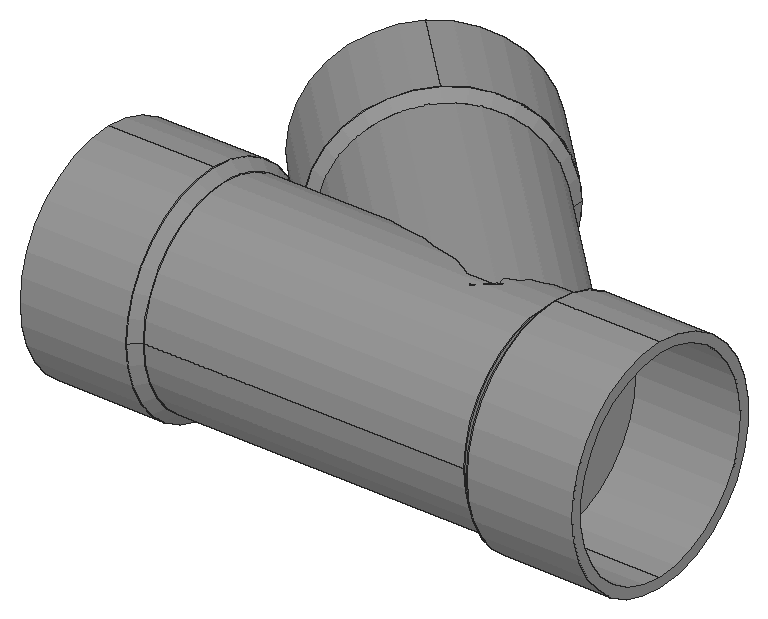
Revit family "Dirit_uPVC TienPhong Y", category Pipe Fittings, Revit 2024
Family settings
  Round Connector Dimension = Use Diameter
  Part Type = Tee
  Work Plane-Based = No
  Always vertical = Yes
  Cut with Voids When Loaded = No
  Shared = No
Parameters (values of type "Standard")
  uPVC = uPVC
  Website = ""
  URL = ""
  Type Image = PVC Tee+Y.JPG
  Type Comments = "MEPF Modeling"
  Standard = "ISO 1452-2"
  Name Fitting [instance] = if(Angle < 65.00°, " uPVC_45° Wye", " uPVC_Tee°")  # " uPVC_45° Wye"
  Lookup Table 1 = "Tee 45 uPVC - Tien Phong"
  Engatech_Z3 [instance] = if(and(Angle > 87.90°, Angle < 92.10°), size_lookup(Lookup Table 1, "z3", Nominal Diameter 1 * 0.1, Nominal Diameter 1, Nominal Diameter 2), if(Angle < 88.00°, size_lookup(Lookup Table 1, "z3", Nominal Diameter 1 * 0.1, Nominal Diameter 1, Nominal Diameter 2), size_lookup(Lookup Table 1, "z1", Nominal Diameter 1 * 0.1, Nominal Diameter 1, Nominal Diameter 2)))  # 76 mm
  Engatech_Z2 [instance] = if(and(Angle > 87.90°, Angle < 92.10°), size_lookup(Lookup Table 1, "z2", Nominal Diameter 2 * 0.25, Nominal Diameter 1, Nominal Diameter 2), size_lookup(Lookup Table 1, "z2", Nominal Diameter 2 * 0.25, Nominal Diameter 1, Nominal Diameter 2))  # 359 mm
  Engatech_Z1 [instance] = if(Angle < 88.00°, size_lookup(Lookup Table 1, "z1", Nominal Diameter 1 * 0.25, Nominal Diameter 1, Nominal Diameter 2), size_lookup(Lookup Table 1, "z3", Nominal Diameter 1 * 0.25, Nominal Diameter 1, Nominal Diameter 2))  # 322 mm
  Engatech_od [instance] = size_lookup(Lookup Table 1, "od", Nominal Diameter 2 + 2.5 mm * 2, Nominal Diameter 1, Nominal Diameter 2)  # 273.8 mm
  Engatech_L2 [instance] = size_lookup(Lookup Table 1, "l2", Nominal Diameter 1 * 0.5, Nominal Diameter 1, Nominal Diameter 2)  # 131 mm
  Engatech_L1 [instance] = size_lookup(Lookup Table 1, "l1", Nominal Diameter 1 * 0.5, Nominal Diameter 1, Nominal Diameter 2)  # 131 mm
  Engatech_id [instance] = size_lookup(Lookup Table 1, "id", Nominal Diameter 2, Nominal Diameter 1, Nominal Diameter 2)  # 250 mm
  Thickness 2 [instance] = (Fitting Outside Diameter 2 - Fitting Inside Diameter 2) / 2  # 11.9 mm
  Thickness 1 [instance] = (Fitting Outside Diameter 1 - Fitting Inside Diameter 1) / 2  # 11.9 mm
  L2 [instance] = Engatech_L2  # 131 mm
  L1 [instance] = Engatech_L1  # 131 mm
  Nominal Radius 2 [instance] = Nominal Diameter 2 / 2  # 125 mm
  Nominal Radius 1 [instance] = Nominal Diameter 1 / 2  # 125 mm
  Socket to Center [instance] = if(and(Angle > 92.00°, or(and(Nominal Diameter 1 = 250 mm, Nominal Diameter 2 = 125 mm), and(Nominal Diameter 1 = 110 mm, Nominal Diameter 2 = 60 mm), and(Nominal Diameter 1 = 90 mm, Nominal Diameter 2 = 42 mm), and(Nominal Diameter 1 = 90 mm, Nominal Diameter 2 = 48 mm), and(Nominal Diameter 1 = 110 mm, Nominal Diameter 2 = 42 mm), and(Nominal Diameter 1 = 110 mm, Nominal Diameter 2 = 48 mm), and(Nominal Diameter 1 = 110 mm, Nominal Diameter 2 = 60 mm), and(Nominal Diameter 1 = 140 mm, Nominal Diameter 2 = 60 mm), and(Nominal Diameter 1 = 140 mm, Nominal Diameter 2 = 75 mm), and(Nominal Diameter 1 = 160 mm, Nominal Diameter 2 = 90 mm), and(Nominal Diameter 1 = 180 mm, Nominal Diameter 2 = 110 mm), and(Nominal Diameter 1 = 280 mm, Nominal Diameter 2 = 200 mm), and(Nominal Diameter 1 = 315 mm, Nominal Diameter 2 = 160 mm), and(Nominal Diameter 1 = 315 mm, Nominal Diameter 2 = 200 mm))), 0 mm, Center to Socket)  # 322 mm
  Design By = ""
  Default Elevation = 0 mm
  Center to Socket (Hiden) [instance] = if(and(Angle > 92.00°, or(and(Nominal Diameter 1 = 250 mm, Nominal Diameter 2 = 125 mm), and(Nominal Diameter 1 = 110 mm, Nominal Diameter 2 = 60 mm), and(Nominal Diameter 1 = 90 mm, Nominal Diameter 2 = 42 mm), and(Nominal Diameter 1 = 90 mm, Nominal Diameter 2 = 48 mm), and(Nominal Diameter 1 = 110 mm, Nominal Diameter 2 = 42 mm), and(Nominal Diameter 1 = 110 mm, Nominal Diameter 2 = 48 mm), and(Nominal Diameter 1 = 110 mm, Nominal Diameter 2 = 60 mm), and(Nominal Diameter 1 = 140 mm, Nominal Diameter 2 = 60 mm), and(Nominal Diameter 1 = 140 mm, Nominal Diameter 2 = 75 mm), and(Nominal Diameter 1 = 160 mm, Nominal Diameter 2 = 90 mm), and(Nominal Diameter 1 = 180 mm, Nominal Diameter 2 = 110 mm), and(Nominal Diameter 1 = 280 mm, Nominal Diameter 2 = 200 mm), and(Nominal Diameter 1 = 315 mm, Nominal Diameter 2 = 160 mm), and(Nominal Diameter 1 = 315 mm, Nominal Diameter 2 = 200 mm))), Engatech_Z1 * (-1), 0 mm)  # 0 mm
  Center to Socket [instance] = if(and(Angle > 92.00°, Engatech_Z1 < 0 mm), 0 mm, Engatech_Z1)  # 322 mm
  Branch Outside Diameter [instance] = if(and(Angle > 87.90°, Angle < 92.10°), Fitting Outside Diameter 2, Fitting Inside Diameter 2)  # 250 mm
  Branch Length [instance] = Engatech_Z2  # 359 mm
  Branch Inside Diameter [instance] = if(and(Angle > 87.90°, Angle < 92.10°), Fitting Inside Diameter 2 - Thickness 2, Branch Outside Diameter - 2 * Thickness 2)  # 226.2 mm
  Body Outside Diameter [instance] = if(and(Angle > 87.90°, Angle < 92.10°), Fitting Outside Diameter 1, Fitting Inside Diameter 1)  # 250 mm
  Body Length [instance] = if(and(Angle > 92.00°, Engatech_Z1 < 0 mm), Engatech_Z3, Engatech_Z1 + Engatech_Z3)  # 398 mm
  Engatech_OD [instance] = size_lookup(Lookup Table 1, "OD", Nominal Diameter 1 + 2.5 mm * 2, Nominal Diameter 1, Nominal Diameter 2)  # 273.8 mm
  Nominal Diameter 2 [instance] = 250 mm
  Nominal Diameter 1 [instance] = 250 mm
  Engatech_ID [instance] = size_lookup(Lookup Table 1, "ID", Nominal Diameter 1, Nominal Diameter 1, Nominal Diameter 2)  # 250 mm
  Fitting Outside Diameter 2 [instance] = Engatech_od  # 273.8 mm
  Fitting Outside Diameter 1 [instance] = Engatech_OD  # 273.8 mm
  Fitting Inside Diameter 2 [instance] = Engatech_id  # 250 mm
  Fitting Inside Diameter 1 [instance] = Engatech_ID  # 250 mm
  Body Inside Diameter [instance] = if(and(Angle > 87.90°, Angle < 92.10°), Fitting Inside Diameter 1 - Thickness 1, Body Outside Diameter - 2 * Thickness 1)  # 226.2 mm
  Blend Length 2 [instance] = Thickness 2 + 0.5 mm  # 12.4 mm
  Blend Length 1 [instance] = Thickness 1 + 0.5 mm  # 12.4 mm
  Angle [instance] = 45.00°
  Model = "Pipe Fitting"
  Manufacturer = ""
  Keynote = ""
  Fanpage = ""
  Email = ""
  Description = ""
  Address = ""
Reference planes
  plane 1 "Main Hozontial": y = 0
  plane 2: z = 0
  plane 3 "Main Vertical": x = 0
  plane 4 "Ref Plane Socket 2": x = 76
  plane 5 "Ref Plane Socket 1": x = -322
  plane 6 "Ref Hiden": x = 0
Forms (mm)
  Sweep 1, solid, material "uPVC" <- "uPVC", detail levels fine
    path in 3D
      loop
        line (-322, 0, 0) -> (76, 0, 0)
    profile origin (-123, 0, 0) x (0, 1, 0) y (0, 0, 1)
      loop
        circle (0, 0) r 125
  SweptBlend 2, solid, material "uPVC" <- "uPVC", detail levels fine
    path in 3D
      loop
        line (-322, 0, 0) -> (-334.4, 0, 0)
    profile origin (-322, 0, 0) x (0, -1, 0) y (0, 0, 1)
      loop
        circle (0, 0) r 125
    end profile origin (-334.4, 0, 0) x (0, -1, 0) y (0, 0, 1)
      loop
        circle (0, 0) r 136.9
  SweptBlend 3, solid, material "uPVC" <- "uPVC", detail levels fine
    path in 3D
      loop
        line (76, 0, 0) -> (88.4, 0, 0)
    profile origin (76, 0, 0) x (0, 1, 0) y (0, 0, 1)
      loop
        circle (0, 0) r 125
    end profile origin (88.4, 0, 0) x (0, 1, 0) y (0, 0, 1)
      loop
        circle (0, 0) r 136.9
  Extrusion 4, solid, material "uPVC" <- "uPVC", detail levels fine
    sketch origin (88.4, 0, 0) x (0, 0, 1) y (0, -1, 0)
      loop
        circle (0, 0) r 136.9
      loop
        circle (0, 0) r 125
    from 0 to 131 <- "L1"
  Extrusion 5, solid, material "uPVC" <- "uPVC", detail levels fine
    sketch origin (-334.4, 0, 0) x (0, 0, 1) y (0, 1, 0)
      loop
        circle (0, 0) r 136.9
      loop
        circle (0, 0) r 125
    from 0 to 131 <- "L1"
  Sweep 6, solid, material "uPVC" <- "uPVC", detail levels fine
    path in 3D
      loop
        line (0, 0, 0) -> (-253.851, 253.851, 0)
    profile origin (-126.926, 126.926, 0) x (-0.707107, -0.707107, 0) y (0, 0, 1)
      loop
        circle (0, 0) r 125
  SweptBlend 7, solid, material "uPVC" <- "uPVC", detail levels fine
    path in 3D
      loop
        line (-253.851, 253.851, 0) -> (-262.619, 262.619, 0)
    profile origin (-253.851, 253.851, 0) x (-0.707107, -0.707107, 0) y (0, 0, 1)
      loop
        circle (0, 0) r 125
    end profile origin (-262.619, 262.619, 0) x (-0.707107, -0.707107, 0) y (0, 0, 1)
      loop
        circle (0, 0) r 136.9
  Extrusion 8, solid, material "uPVC" <- "uPVC", detail levels fine
    sketch origin (-262.619, 262.619, 0) x (0, 0, 1) y (0.707107, 0.707107, 0)
      loop
        circle (0, 0) r 136.9
      loop
        circle (0, 0) r 125
    from 0 to 131 <- "L2"
  Extrusion 9, void
    sketch origin (-334.4, 0, 0) x (0, 0, -1) y (0, 1, 0)
      loop
        circle (0, 0) r 125
    from 0 to -131
  Extrusion 10, void
    sketch origin (88.4, 0, 0) x (0, 0, -1) y (0, -1, 0)
      loop
        circle (0, 0) r 125
    from 0 to -131
Cuts and joins
  Extrusion 9, Extrusion 10 cuts Sweep 6
  Extrusion 9, Extrusion 10 cuts SweptBlend 7
  joined: Sweep 6, SweptBlend 7
  Extrusion 9 cuts Extrusion 4
  Extrusion 10 cuts Extrusion 5
  Extrusion 9, Extrusion 10 cuts SweptBlend 2
  Extrusion 9, Extrusion 10 cuts SweptBlend 3
  Extrusion 9, Extrusion 10 cuts Sweep 1
Lines and regions (mm)
  reference lines
    curve 1: line (0, 0, 0) -> (-253.851, 253.851, 0)
    curve 2: line (-322, 0, 0) -> (76, 0, 0)
    curve 3: line (76, 0, 0) -> (88.4, 0, 0)
    curve 4: line (-322, 0, 0) -> (-334.4, 0, 0)
    curve 5: line (-253.851, 253.851, 0) -> (-262.619, 262.619, 0)
  sketch lines
    curve 6: line (-322, 0, 0) -> (76, 0, 0)
    curve 7: line (-322, 0, 0) -> (-334.4, 0, 0)
    curve 8: line (76, 0, 0) -> (88.4, 0, 0)
    curve 9: line (0, 0, 0) -> (-253.851, 253.851, 0)
    curve 10: line (-253.851, 253.851, 0) -> (-262.619, 262.619, 0)
  model lines, detail levels coarse+medium
    curve 11: line (0, 0, 0) -> (-253.851, 253.851, 0)
    curve 12: line (-253.851, 253.851, 0) -> (-262.619, 262.619, 0)
    curve 13: line (-322, 0, 0) -> (76, 0, 0)
    curve 14: line (76, 0, 0) -> (88.4, 0, 0)
    curve 15: line (-322, 0, 0) -> (-334.4, 0, 0)
    curve 16: line (-334.4, 62.5, 0) -> (-334.4, -62.5, 0)
    curve 17: line (88.4, 62.5, 0) -> (88.4, -62.5, 0)
    curve 18: line (-306.814, 218.425, -0.031) -> (-218.425, 306.814, -0.031)
Dimensions and locks
  "Center to Socket": plane 5 "Ref Plane Socket 1" to plane 3 "Main Vertical"
  "Body Length": plane 5 "Ref Plane Socket 1" to plane 4 "Ref Plane Socket 2"
  "Center to Socket (Hiden)": plane 3 "Main Vertical" to plane 6 "Ref Hiden"
  "Socket to Center": curve 2 to plane 6 "Ref Hiden"
  "Branch Length": curve 1 to curve 1
  "Blend Length 1": curve 3 to curve 3
  "Blend Length 1": curve 4 to curve 4
  "Blend Length 2": curve 5 to curve 5
  "Branch Length": curve 11 to curve 11
  "Blend Length 2": curve 12 to curve 12
  "Socket to Center": curve 13 to plane 6 "Ref Hiden"
  "Blend Length 1": curve 14 to curve 14
  "Blend Length 1": curve 15 to curve 15
  equal spacing: curve 16, plane 1 "Main Hozontial", curve 16
  "Nominal Radius 1": curve 16 to curve 16
  equal spacing: curve 17, plane 1 "Main Hozontial", curve 17
  "Nominal Radius 1": curve 17 to curve 17
  equal spacing: curve 18, curve 12, curve 18
  "Nominal Radius 2": curve 18 to curve 18
  "Body Outside Diameter": diameter of Sweep 1 sketch curve
  "Body Outside Diameter": diameter of SweptBlend 2 sketch curve
  "Fitting Outside Diameter 1": diameter of SweptBlend 2 sketch curve
  "Body Outside Diameter": diameter of SweptBlend 3 sketch curve
  "Fitting Outside Diameter 1": diameter of SweptBlend 3 sketch curve
  "Fitting Inside Diameter 1": diameter of Extrusion 4 sketch curve
  "Fitting Outside Diameter 1": diameter of Extrusion 4 sketch curve
  "Fitting Inside Diameter 1": diameter of Extrusion 5 sketch curve
  "Fitting Outside Diameter 1": diameter of Extrusion 5 sketch curve
  "Branch Outside Diameter": diameter of Sweep 6 sketch curve
  "Branch Outside Diameter": diameter of SweptBlend 7 sketch curve
  "Fitting Outside Diameter 2": diameter of SweptBlend 7 sketch curve
  "Fitting Inside Diameter 2": diameter of Extrusion 8 sketch curve
  "Fitting Outside Diameter 2": diameter of Extrusion 8 sketch curve
  "Fitting Inside Diameter 1": diameter of Extrusion 9 sketch curve
  "Fitting Inside Diameter 1": diameter of Extrusion 10 sketch curve
  "Angle": angle curve 1 to plane 1 "Main Hozontial"
  "Angle": angle curve 5 to plane 1 "Main Hozontial"
  "Angle": angle curve 11 to plane 1 "Main Hozontial"
  "Angle": angle curve 12 to plane 1 "Main Hozontial"
  aligned and locked: level to plane 2
  aligned and locked: plane 1 "Main Hozontial" to curve 1
  aligned and locked: plane 3 "Main Vertical" to curve 1
  aligned and locked: plane 4 "Ref Plane Socket 2" to curve 2
  aligned and locked: plane 1 "Main Hozontial" to curve 2
  aligned and locked: plane 1 "Main Hozontial" to Extrusion 5
  aligned and locked: Extrusion 5 to curve 4
  aligned and locked: plane 1 "Main Hozontial" to Extrusion 4
  aligned and locked: Extrusion 4 to curve 3
  aligned and locked: plane 1 "Main Hozontial" to curve 11
  aligned and locked: plane 3 "Main Vertical" to curve 11
  aligned and locked: plane 1 "Main Hozontial" to curve 13
  aligned and locked: curve 16 to curve 15
  aligned and locked: curve 17 to curve 14
  aligned and locked: Extrusion 5 to Extrusion 9
  aligned and locked: cut or joined group of Extrusion 4, Extrusion 9 to Extrusion 10
Automatic sketch dimensions
  Sweep 1 sketch curve to profile plane = 0 mm  (x2)
  SweptBlend 2 sketch curve to profile plane = 0 mm  (x4)
  SweptBlend 3 sketch curve to profile plane = 0 mm  (x4)
  Extrusion 4 sketch curve to Extrusion 4 sketch curve = 0 mm  (x2)
  Extrusion 4 sketch curve to level = 0 mm
  Extrusion 4 sketch curve to plane 1 "Main Hozontial" = 0 mm
  Extrusion 5 sketch curve to Extrusion 5 sketch curve = 0 mm  (x2)
  Extrusion 5 sketch curve to level = 0 mm
  Extrusion 5 sketch curve to plane 1 "Main Hozontial" = 0 mm
  Sweep 6 sketch curve to profile plane = 0 mm
  profile plane to Sweep 6 sketch curve = 0 mm
  SweptBlend 7 sketch curve to profile plane = 0 mm  (x2)
  profile plane to SweptBlend 7 sketch curve = 0 mm  (x2)
  Extrusion 8 sketch curve to Extrusion 8 sketch curve = 0 mm  (x3)
  level to Extrusion 8 sketch curve = 0 mm
  curve 18 to level = 0.031 mm
  Extrusion 9 sketch curve to level = 0 mm
  Extrusion 9 sketch curve to plane 1 "Main Hozontial" = 0 mm
  curve 13 to plane 4 "Ref Plane Socket 2" = 0 mm
  Extrusion 10 sketch curve to level = 0 mm
  Extrusion 10 sketch curve to plane 1 "Main Hozontial" = 0 mm
Connectors
  piping at (-262.619, 262.619, 0), diameter 250, driven by "Angle", driven by "Nominal Diameter 2"
    settings: on curve 5, index 1, connector inside diameter 609.6 mm, connector length 0 mm, flow factor 0, pipe flow 0.0 L/s, pressure drop 0.0 Pa, fitting loss kfactor 0, connector angle 45.00°, fixture units 0, engagement length 0 mm, angle of deflection 0.00°, flow configuration 0, flow direction 0, fitting loss method 0, system type 28, joint type 0, gender type 0, connector reference index -1, connector utility 0, adjustable connector no, is connector primary no, connector description ""
  piping at (-334.4, 0, 0), diameter 250, driven by "Nominal Diameter 1"
    settings: on curve 4, index 2, connector inside diameter 609.6 mm, connector length 0 mm, flow factor 0, pipe flow 0.0 L/s, pressure drop 0.0 Pa, fitting loss kfactor 0, connector angle 0.00°, fixture units 0, engagement length 0 mm, angle of deflection 0.00°, flow configuration 0, flow direction 0, fitting loss method 0, system type 28, joint type 0, gender type 0, connector reference index 3, connector utility 0, adjustable connector no, is connector primary no, connector description ""
  piping at (88.4, 0, 0), diameter 250, driven by "Nominal Diameter 1"
    settings: on curve 3, index 3, connector inside diameter 609.6 mm, connector length 0 mm, flow factor 0, pipe flow 0.0 L/s, pressure drop 0.0 Pa, fitting loss kfactor 0, connector angle 0.00°, fixture units 0, engagement length 0 mm, angle of deflection 0.00°, flow configuration 0, flow direction 0, fitting loss method 0, system type 28, joint type 0, gender type 0, connector reference index 2, connector utility 0, adjustable connector no, is connector primary yes, connector description ""
